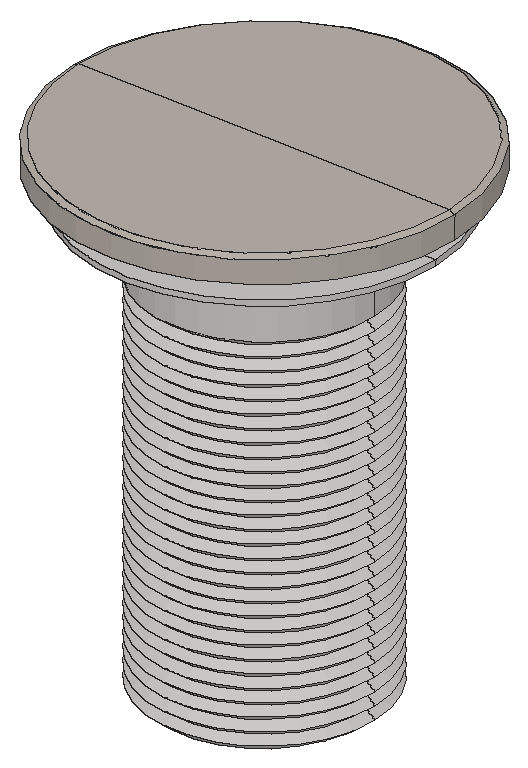
Revit family "BUILDMAT-POPGRN02-32mm-Terrazzo_Pop_Up_Waste-Soma", category Generic Models, Revit 2026
Family settings
  Can host rebar = No
  Round Connector Dimension = Use Diameter
  Part Type = Normal
  Work Plane-Based = No
  Always vertical = Yes
  Cut with Voids When Loaded = No
  Maintain Annotation Orientation = No
  Shared = No
  Room Calculation Point = No
Parameters
  Width = 69 mm
  PopUp_Material = BUILDMAT Soma Terrazzo
  MainBody_Material = BUILDMAT Stainless Steel
  Depth = 69 mm
  Default Elevation = 0 mm
Reference planes
  plane 1 "Center (Front/Back)": y = 0
  plane 2: z = 0
  plane 3 "Center (Left/Right)": x = 0
  plane 4: x = 34.5
  plane 5: x = -34.5
  plane 6: z = 10
  plane 7: z = 5
  plane 8: z = 5.5
  plane 9: z = 9.5
  plane 10: x = -33.5
  plane 11: y = 34.5
  plane 12: y = -34.5
  plane 13: y = 33.5
  plane 14: y = -33.5
  plane 15: x = 33.5
  plane 16: z = 1
  plane 17: z = -78.68
  plane 18: x = -19.958
  plane 19: x = 19.958
Forms (mm)
  Revolve 1, solid, material "BUILDMAT Stainless Steel" <- "MainBody_Material"
    sketch origin (0, 0, -0.397) x (1, 0, 0) y (0, 0, 1)
      loop
        line (0, 1.248) -> (0, -11.603) -> (-19.988, -11.603) -> (-19.988, -3.848)
        arc (-19.988, -3.848) -> (-20.47, -2.811) -> (-21.441, -2.207) r 2
        line (-21.441, -2.207) -> (-31, 0.397) -> (-31, 1.397) -> (0, 1.397)
      axis (0, 1.397) -> (0, -11.603)
    angle from 0 to 360
  Revolve 2, solid, material "BUILDMAT Stainless Steel" <- "MainBody_Material"
    sketch origin (0, 0, -4.369) x (1, 0, 0) y (0, 0, 1)
      loop
        line (0, -7.631) -> (-19.952, -7.631) -> (-18.463, -8.794) -> (-19.958, -9.962) -> (-18.463, -11.131) -> (-19.958, -12.299) -> (-18.463, -13.467) -> (-19.958, -14.635) -> (-18.463, -15.803) -> (-19.958, -16.971) -> (-18.463, -18.139) -> (-19.958, -19.308) -> (-18.463, -20.476) -> (-19.958, -21.644) -> (-18.463, -22.812) -> (-19.958, -23.98) -> (-18.463, -25.148) -> (-19.958, -26.316) -> (-18.463, -27.485) -> (-19.958, -28.653) -> (-18.463, -29.821) -> (-19.958, -30.989) -> (-18.463, -32.157) -> (-19.958, -33.325) -> (-18.463, -34.493) -> (-19.958, -35.662) -> (-18.463, -36.83) -> (-19.958, -37.998) -> (-18.463, -39.166) -> (-19.958, -40.334) -> (-18.463, -41.502) -> (-19.958, -42.67) -> (-18.463, -43.839) -> (-19.958, -45.007) -> (-18.463, -46.175) -> (-19.958, -47.343) -> (-18.463, -48.511) -> (-19.958, -49.679) -> (-18.463, -50.847) -> (-19.958, -52.016) -> (-18.463, -53.184) -> (-19.958, -54.352) -> (-18.463, -55.52) -> (-19.958, -56.688) -> (-18.463, -57.856) -> (-19.958, -59.024) -> (-18.463, -60.193) -> (-19.958, -61.361) -> (-18.463, -62.529) -> (-19.958, -63.697) -> (-18.463, -64.865) -> (-19.958, -66.033) -> (-18.463, -67.201) -> (-19.958, -68.369) -> (-18.463, -69.538) -> (-19.958, -70.706) -> (-18.463, -71.874) -> (-19.958, -73.042) -> (-18.334, -74.311) -> (0, -74.311) -> (0, -7.631)
      axis (0, -7.631) -> (0, -74.311)
    angle from 0 to 360
  Extrusion 3, solid, material "BUILDMAT Soma Terrazzo" <- "PopUp_Material"
    sketch origin (0, 0, 1) x (0, 1, 0) y (-1, 0, 0)
      loop
        circle (0, 0) r 17.75
    from 0 to 4
  Revolve 4, solid, material "BUILDMAT Soma Terrazzo" <- "PopUp_Material"
    sketch origin (0, 0, 0) x (1, 0, 0) y (0, 0, 1)
      loop
        line (0, 5) -> (0, 10) -> (-33.5, 10) -> (-34.5, 9.5) -> (-34.5, 5.5) -> (-33.5, 5) -> (0, 5)
      axis (0, 5) -> (0, 10)
    angle from 0 to 360
Text (mm)
  text "Refer to www.buildmat.com.au for the most current product literature. \nAllow a +/- 5mm tolerance for dimensions shown in the product literature. \nPlease note product details are subject to change due to ongoing product development." at (-1.255, -131.559, 0), in view "Ref. Level"
Dimensions and locks
  "Width": plane 5 to plane 4
  equal spacing: plane 5, plane 3 "Center (Left/Right)", plane 4
  "Depth": plane 12 to plane 11
  equal spacing: plane 11, plane 1 "Center (Front/Back)", plane 12
  plane 6 to plane 7 = 5 mm
  plane 16 to plane 17 = 79.68 mm
  Revolve 2 to Revolve 2 = 39.917 mm
  plane 5 to plane 4 = 69 mm
  aligned and locked: level to plane 2
Automatic sketch dimensions
  Revolve 1 sketch curve to level = 0 mm
  Revolve 1 sketch curve to plane 3 "Center (Left/Right)" = 0 mm  (x3)
  Revolve 1 sketch curve to level = 4.245 mm
  Revolve 1 sketch curve to plane 10 = 13.512 mm
  Revolve 1 sketch curve to level = 2.604 mm
  Revolve 1 sketch curve to Revolve 1 sketch curve = 1.453 mm
  Revolve 1 sketch curve to Revolve 1 sketch curve = 1.979 mm
  Revolve 1 sketch curve to plane 10 = 2.5 mm
  Revolve 1 sketch curve to level = 12 mm
  Revolve 1 sketch curve to Revolve 1 sketch curve = 1 mm
  Revolve 1 sketch curve to Revolve 1 sketch curve = 0 mm
  Revolve 1 sketch curve to Revolve 1 sketch curve = 0.149 mm
  Revolve 1 sketch curve to Revolve 1 sketch curve = 0.245 mm
  Revolve 2 sketch curve to plane 3 "Center (Left/Right)" = 0 mm  (x2)
  Revolve 2 sketch curve to plane 10 = 15.166 mm
  Revolve 2 sketch curve to plane 10 = 15.037 mm  (x2)
  Revolve 2 sketch curve to Revolve 2 sketch curve = 0.129 mm
  Revolve 2 sketch curve to Revolve 2 sketch curve = 0 mm  (x25)
  Revolve 2 sketch curve to Revolve 2 sketch curve = 1.489 mm
  Revolve 2 sketch curve to Revolve 2 sketch curve = 1.495 mm  (x28)
  Revolve 2 sketch curve to level = 78.68 mm
  Revolve 2 sketch curve to Revolve 2 sketch curve = 1.269 mm
  Revolve 2 sketch curve to Revolve 2 sketch curve = 1.168 mm  (x55)
  Revolve 2 sketch curve to level = 12 mm
  Revolve 2 sketch curve to Revolve 2 sketch curve = 0.1 mm
  Revolve 2 sketch curve to Revolve 2 sketch curve = 0.211 mm
  plane 5 to Revolve 4 sketch curve = 0 mm
  Revolve 4 sketch curve to plane 6 = 0 mm  (x2)
  plane 10 to Revolve 4 sketch curve = 0 mm  (x2)
  Revolve 4 sketch curve to plane 7 = 0 mm  (x2)
  Revolve 4 sketch curve to plane 3 "Center (Left/Right)" = 0 mm  (x2)
  Revolve 4 sketch curve to plane 8 = 0 mm
  Revolve 4 sketch curve to plane 9 = 0 mm
  radius of Extrusion 3 sketch curve to Revolve 1 = 13.25 mm
